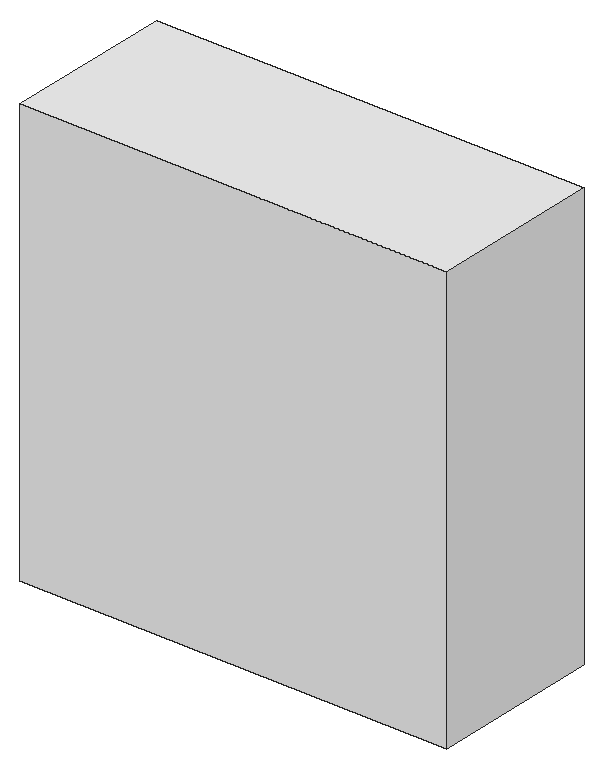
Revit family "098d112a6a3044bc832d6e58588280ae", category Casework, host Wall, Revit 2021
Family settings
  Host = Wall
  OmniClass Number = 23.40.35.17.47.11
  OmniClass Title = Kitchen Casework
  Seek Item ID = Upper Cabinet-Double Door-Wall-0000-USA-ENU
  Always vertical = Yes
  Cut with Voids When Loaded = No
  Shared = No
  Room Calculation Point = No
Parameters (values of type "30"")
  Default Elevation = 0' - 0"
  Assembly Code = "C1030410"
  Cabinet Material = none
  Depth = 1' - 0"
  Door/Drawer Material = none
  Handle Material = Cabinets - Handles
  Height = 2' - 6"
  Top Of Cabinet = 7' - 0"
  Width = 2' - 6"
Types (10): name | Width
  (no name) | 2' - 6"
  42" | 3' - 6"
  36" | 3' - 0"
  30" | 2' - 6"
  24" | 2' - 0"
  27" | 2' - 3"
  33" | 2' - 9"
  39" | 3' - 3"
  45" | 3' - 9"
  48" | 4' - 0"
Reference planes (in)
  plane 1: y = 0
  plane 2 "Center": x = 1.17209
  plane 3 "Right": x = 16.17209
  plane 4 "Left": x = -13.82791
  plane 5: z = 54
  plane 6: z = 84
  plane 7 "Front": y = 15
  plane 8: y = 3
  plane 9: z = 69
Forms (in)
  Extrusion 1, solid, material <- "Cabinet Material"
    sketch origin (0, 3, 0) x (1, 0, 0) y (0, 0, 1)
      loop
        line (16.17209, 84) -> (-13.82791, 84) -> (-13.82791, 54) -> (16.17209, 54) -> (16.17209, 84)
      loop
        line (15.42209, 83.25) -> (-13.07791, 83.25) -> (-13.07791, 54.75) -> (15.42209, 54.75) -> (15.42209, 83.25)
    from 0 to -12
  Extrusion 2, solid, material <- "Cabinet Material"
    sketch origin (0, 3, 0) x (1, 0, 0) y (0, 0, 1)
      loop
        line (15.42209, 83.25) -> (-13.07791, 83.25) -> (-13.07791, 54.75) -> (15.42209, 54.75) -> (15.42209, 83.25)
    from 0 to -0.75
  Extrusion 3, solid, material <- "Door/Drawer Material"
    sketch origin (0, 15, 0) x (0, 0, 1) y (1, 0, 0)
      loop
        line (83.25, 15.42209) -> (54.75, 15.42209) -> (54.75, 1.29709) -> (83.25, 1.29709) -> (83.25, 15.42209)
      loop
        line (83.25, -13.07791) -> (83.25, 1.04709) -> (54.75, 1.04709) -> (54.75, -13.07791) -> (83.25, -13.07791)
    from 0.5 to -0.75
  Sweep 4, solid, material "Cabinets - Handles" <- "Handle Material"
    path origin (0.17209, 0, 0) x (0, 1, 0) y (0, 0, 1)
      loop
        line (15.5, 60) -> (16, 60)
        arc (16, 60) -> (16.35355, 59.85355) -> (16.5, 59.5) r 0.5
        line (16.5, 59.5) -> (16.5, 56.5)
        arc (16.5, 56.5) -> (16.35355, 56.14645) -> (16, 56) r 0.5
        line (16, 56) -> (15.5, 56)
    profile origin (0.17209, 15.75, 0) x (0, 0, 1) y (1, 0, 0)
      loop
        circle (60, 0) r 0.25
  Sweep 5, solid, material "Cabinets - Handles" <- "Handle Material"
    path origin (2.17209, 0, 0) x (0, 1, 0) y (0, 0, -1)
      loop
        line (15.5, -60) -> (16, -60)
        arc (16, -60) -> (16.35355, -59.85355) -> (16.5, -59.5) r 0.5
        line (16.5, -59.5) -> (16.5, -56.5)
        arc (16.5, -56.5) -> (16.35355, -56.14645) -> (16, -56) r 0.5
        line (16, -56) -> (15.5, -56)
    profile origin (2.17209, 15.75, 0) x (0, 0, -1) y (-1, 0, 0)
      loop
        circle (-60, 0) r 0.25
Cuts and joins
  joined: Extrusion 1, Extrusion 2
Lines and regions (in)
  model lines
    curve 1: line (1.17209, 15, 83.25) -> (1.17209, 15, 54.75)
  symbolic lines, style "Plan Rep - Above"
    curve 2: line (-13.82791, 15, 0) -> (16.17209, 15, 0)
    curve 3: line (-13.82791, 3, 0) -> (-13.82791, 15, 0)
    curve 4: line (16.17209, 3, 0) -> (-13.82791, 3, 0)
    curve 5: line (16.17209, 15, 0) -> (16.17209, 3, 0)
  symbolic lines, style "Elevation Swing"
    curve 6: line (1.29709, 0, 83.25) -> (15.42209, 0, 69)
    curve 7: line (15.42209, 0, 69) -> (1.29709, 0, 54.75)
    curve 8: line (1.04709, 0, 54.75) -> (-13.07791, 0, 69)
    curve 9: line (-13.07791, 0, 69) -> (1.04709, 0, 83.25)
Text (in)
  text "Placement Side" at (0, 40.15149, 123.01588), in view "Right"
  text "Placement Side" at (-46.01502, 27.1925, 0), in view "Floor Line"
  text "Placement Side" at (0, 40.16301, 120.70717), in view "Left"
Dimensions and locks (in)
  equal spacing: plane 4 "Left", plane 2 "Center", plane 3 "Right"
  "Width": plane 4 "Left" to plane 3 "Right"
  "Height": plane 5 to plane 6
  "Depth": plane 8 to plane 7 "Front"
  equal spacing: plane 5, plane 9, plane 6
  "Top Of Cabinet": level to plane 6
  aligned and locked: plane 8 to host wall
  aligned and locked: plane 7 "Front" to Extrusion 1
  aligned and locked: Extrusion 2 sketch curve to Extrusion 1  (x4)
Automatic sketch dimensions
  Extrusion 1 sketch curve to plane 4 "Left" = 0' - 0"
  Extrusion 1 sketch curve to plane 3 "Right" = 0' - 0"
  Extrusion 1 sketch curve to plane 5 = 0' - 0"
  Extrusion 1 sketch curve to plane 6 = 0' - 0"
  plane 4 "Left" to Extrusion 1 sketch curve = 0' - 0 3/4"
  Extrusion 1 sketch curve to plane 3 "Right" = 0' - 0 3/4"
  Extrusion 1 sketch curve to plane 5 = 0' - 0 3/4"
  plane 6 to Extrusion 1 sketch curve = 0' - 0 3/4"
  Sweep 4 sketch curve to profile plane = 0' - 0"
  profile plane to Sweep 4 sketch curve = 0' - 0 1/4"
  Sweep 5 sketch curve to profile plane = 0' - 0"
  profile plane to Sweep 5 sketch curve = 0' - 0 1/4"
  curve 4 to host wall = 0' - 0"
  curve 4 to plane 4 "Left" = 0' - 0"
  curve 4 to plane 3 "Right" = 0' - 0"
  curve 3 to plane 7 "Front" = 0' - 0"
  plane 7 "Front" to Sweep 4 sketch curve = 0' - 0 1/2"  (x2)
  Sweep 4 sketch curve to Sweep 4 sketch curve = 0' - 0 1/2"  (x3)
  Sweep 4 sketch curve to plane 5 = 0' - 2"
  Sweep 4 sketch curve to Sweep 4 sketch curve = 0' - 3"
  plane 7 "Front" to Sweep 5 sketch curve = 0' - 0 1/2"  (x2)
  Sweep 5 sketch curve to Sweep 5 sketch curve = 0' - 0 1/2"  (x3)
  Sweep 5 sketch curve to plane 5 = 0' - 6"
  Sweep 5 sketch curve to plane 5 = 0' - 2 1/2"
  plane 2 "Center" to Extrusion 3 sketch curve = 0' - 0 1/8"
  Extrusion 3 sketch curve to plane 5 = 0' - 0 3/4"
  Extrusion 3 sketch curve to Extrusion 3 sketch curve = 0' - 0"
  Extrusion 3 sketch curve to plane 2 "Center" = 0' - 0 1/8"
  plane 6 to Extrusion 3 sketch curve = 0' - 0 3/4"  (x2)
  plane 4 "Left" to Extrusion 3 sketch curve = 0' - 0 3/4"
  Extrusion 3 sketch curve to plane 3 "Right" = 0' - 0 3/4"
  curve 1 to plane 2 "Center" = 0' - 0"
  curve 6 to plane 9 = 0' - 0"
  curve 8 to plane 9 = 0' - 0"
  curve 9 to plane 2 "Center" = 0' - 0 1/8"
  plane 6 to curve 9 = 0' - 0 3/4"
  plane 2 "Center" to curve 6 = 0' - 0 1/8"
  curve 6 to curve 9 = 0' - 0"
  curve 1 to curve 9 = 0' - 0"
  curve 8 to plane 2 "Center" = 0' - 0 1/8"
  curve 8 to plane 5 = 0' - 0 3/4"
  curve 1 to curve 8 = 0' - 0"
  plane 2 "Center" to curve 7 = 0' - 0 1/8"
  curve 7 to curve 1 = 0' - 0"
  plane 4 "Left" to curve 8 = 0' - 0 3/4"
  curve 6 to plane 3 "Right" = 0' - 0 3/4"
